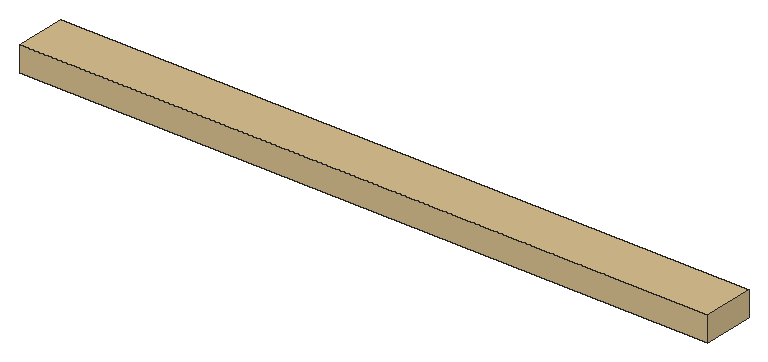
Revit family "EFJoist", category Structural Framing, Revit 2020
Family settings
  Structural Framing Length Roundoff = 0' - 0"
  Section Shape = Not Defined
  Material for Model Behavior = Wood
  Always export as geometry = No
  OmniClass Number = 23.25.30.11.14.14
  OmniClass Title = Beams
  Always vertical = Yes
  Cut with Voids When Loaded = No
  Symbolic Representation = From Project Settings
  Shared = No
  Show family pre-cut in plan views = Yes
Parameters (values of type "4X2 EFSill")
  Type Comments = "2x4"
  Structural Material = Dimensional Lumber
  Pipeline = "2x4"
  Description = "Dimension Lumber"
  A = 5.25 in²
  Assembly Code = "B10"
  Length [instance] = 5' - 0"
  b = 0' - 3 1/2"
  d = 0' - 1 3/4"
Types (5): name | b | d
  2x4 RIM Board | 0' - 1 1/2" | 0' - 3 1/2"
  4X2 Rim Board | 0' - 3 1/2" | 0' - 1 1/2"
  4X10 Rim Board | 0' - 3 1/2" | 0' - 7"
  4X2 EF | 0' - 3 1/2" | 0' - 2"
  4X2 EFSill | 0' - 3 1/2" | 0' - 1 3/4"
Reference planes (in)
  plane 1 "Center (Front/Back)": y = 0
  plane 2: z = 0
  plane 3 "Center (Left/Right)": x = 0.1815
  plane 4 "Member Left": x = -23.8185
  plane 5 "Member Right": x = 24.1815
  plane 6: y = 1.75
  plane 7: y = -1.75
  plane 8: z = 0.875
  plane 9: z = -0.875
  plane 10 "Left": x = -29.8185
  plane 11 "Stick Symbol Left": x = -17.8185
  plane 12 "Stick Symbol Right": x = 18.1815
  plane 13 "Right": x = 30.1815
Forms (in)
  Sweep 1, solid, material "Dimensional Lumber" <- "Structural Material", detail levels medium+fine
    path origin (0, 0, 0) x (1, 0, 0) y (0, 1, 0)
      loop
        line (24.1815, 0) -> (-23.8185, 0)
    profile "Rectangular Wood Beam-Profile : Rectangular Wood Beam-Profile" origin (0.1815, 0, 0) x (0, -1, 0) y (0, 0, 1)
      loop
        line (-1.75, -0.875) -> (1.75, -0.875) -> (1.75, 0.875) -> (-1.75, 0.875) -> (-1.75, -0.875)
Lines and regions (in)
  symbolic lines, style "Stick Symbols", detail levels coarse
    curve 1: line (0.1815, 1.75, 0.875) -> (0.1815, -1.75, 0.875)
    curve 2: line (0.1815, -1.75, -0.875) -> (0.1815, 1.75, -0.875)
    curve 3: line (0.1815, -1.75, 0.875) -> (0.1815, -1.75, -0.875)
    curve 4: line (0.1815, 1.75, -0.875) -> (0.1815, 1.75, 0.875)
  symbolic lines, style "Stick Symbols", detail levels medium
    curve 5: line (-23.8185, 0, 0.875) -> (24.1815, 0, 0.875)
Dimensions and locks (in)
  "b": plane 6 to plane 7
  "d": plane 9 to plane 8
  equal spacing: plane 9, plane 2, plane 8
  equal spacing: plane 6, plane 1 "Center (Front/Back)", plane 7
  "Length": plane 10 "Left" to plane 13 "Right"
  aligned and locked: Sweep 1 sketch curve to plane 1 "Center (Front/Back)"
  aligned and locked: curve 1 to Sweep 1
  aligned and locked: curve 2 to Sweep 1
  aligned and locked: curve 3 to Sweep 1
  aligned and locked: curve 4 to Sweep 1
  aligned and locked: plane 4 "Member Left" to Sweep 1 sketch curve
  aligned and locked: plane 5 "Member Right" to Sweep 1 sketch curve
  aligned and locked: plane 4 "Member Left" to curve 5
  aligned and locked: plane 5 "Member Right" to curve 5
  aligned and locked: plane 1 "Center (Front/Back)" to curve 5
